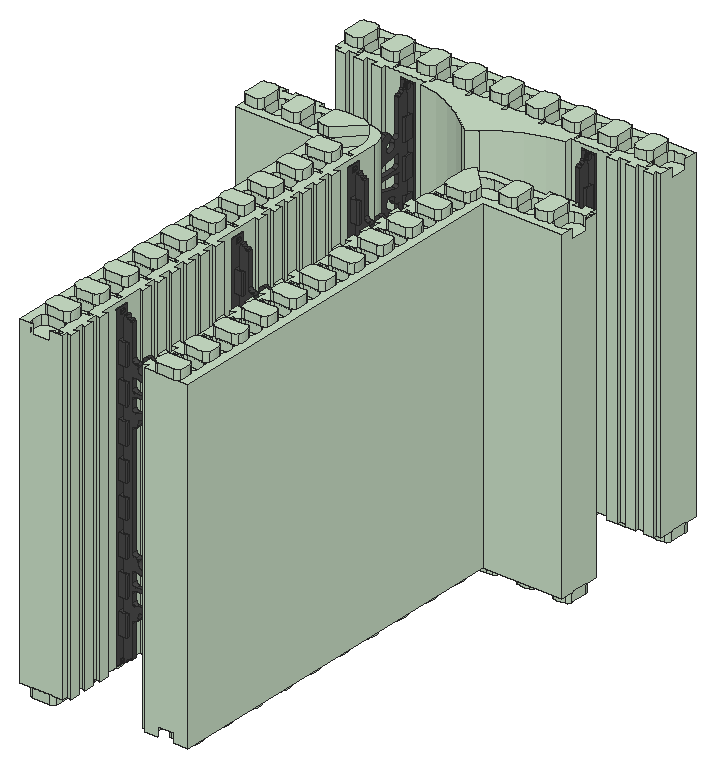
Revit family "ICF- NUDURA 4-inch- Long T Form Unit- Imperial", category Generic Models, Revit 2011
Reference planes (in)
  plane 1 "Center (Front/Back)": y = 1
  plane 2: z = 0
  plane 3 "Center (Left/Right)": x = 0
  plane 4: y = 3
  plane 5: y = -1
  plane 6: x = 2
  plane 7: x = -2
  plane 8: z = 18
  plane 9: x = 1
  plane 10: x = -1
Forms (in)
  Extrusion 1, solid, material "NUDURA Expanded Polystyrene Foam Insulation"
    sketch origin (0, 0, 0) x (1, 0, 0) y (0, 1, 0)
      loop
        line (-9, 5.625) -> (-9, 3.25) -> (-8.71883, 3.25) -> (-8.78117, 3) -> (-8.21883, 3) -> (-8.28117, 3.25) -> (-7.71883, 3.25) -> (-7.78117, 3) -> (-7.21883, 3) -> (-7.28117, 3.25) -> (-6.71883, 3.25) -> (-6.78117, 3) -> (-6.21883, 3) -> (-6.28117, 3.25) -> (-4, 3.25) -> (-4, 2.875)
        arc (-4, 2.875) -> (-2.12304, 2.37468) -> (-0.50918, 1.29358) r 5.91797
        arc (-0.50918, 1.29358) -> (-0.26811, 1.09957) -> (0, 0.94507) r 2
        arc (0, 0.94507) -> (0.26811, 1.09957) -> (0.50918, 1.29358) r 2
        arc (0.50918, 1.29358) -> (2.12304, 2.37468) -> (4, 2.875) r 5.91797
        line (4, 2.875) -> (4, 3.25) -> (6.28117, 3.25) -> (6.21883, 3) -> (6.78117, 3) -> (6.71883, 3.25) -> (7.28117, 3.25) -> (7.21883, 3) -> (7.78117, 3) -> (7.71883, 3.25) -> (8.28117, 3.25) -> (8.21883, 3) -> (8.78117, 3) -> (8.71883, 3.25) -> (9, 3.25) -> (9, 5.625) -> (-9, 5.625)
      loop
        line (-2.25, -24) -> (-2.25, -23.71883) -> (-2, -23.78117) -> (-2, -23.21883) -> (-2.25, -23.28117) -> (-2.25, -22.71883) -> (-2, -22.78117) -> (-2, -22.21883) -> (-2.25, -22.28117) -> (-2.25, -21.71883) -> (-2, -21.78117) -> (-2, -21.21883) -> (-2.25, -21.28117) -> (-2.25, -18.71883) -> (-2, -18.78117) -> (-2, -18.21883) -> (-2.25, -18.28117) -> (-2.25, -17.71883) -> (-2, -17.78117) -> (-2, -17.21883) -> (-2.25, -17.28117) -> (-2.25, -16.71883) -> (-2, -16.78117) -> (-2, -16.21883) -> (-2.25, -16.28117) -> (-2.25, -15.71883) -> (-2, -15.78117) -> (-2, -15.21883) -> (-2.25, -15.28117) -> (-2.25, -14.71883) -> (-2, -14.78117) -> (-2, -14.21883) -> (-2.25, -14.28117) -> (-2.25, -13.71883) -> (-2, -13.78117) -> (-2, -13.21883) -> (-2.25, -13.28117) -> (-2.25, -10.71883) -> (-2, -10.78117) -> (-2, -10.21883) -> (-2.25, -10.28117) -> (-2.25, -9.71883) -> (-2, -9.78117) -> (-2, -9.21883) -> (-2.25, -9.28117) -> (-2.25, -8.71883) -> (-2, -8.78117) -> (-2, -8.21883) -> (-2.25, -8.28117) -> (-2.25, -7.71883) -> (-2, -7.78117) -> (-2, -7.21883) -> (-2.25, -7.28117) -> (-2.25, -6.71883) -> (-2, -6.78117) -> (-2, -6.21883) -> (-2.25, -6.28117) -> (-2.25, -5.71883) -> (-2, -5.78117) -> (-2, -5.21883) -> (-2.25, -5.28117) -> (-2.25, -2.5)
        arc (-2.25, -2.5) -> (-2.61612, -1.61612) -> (-3.5, -1.25) r 1.25
        line (-3.5, -1.25) -> (-6.28117, -1.25) -> (-6.21883, -1) -> (-6.78117, -1) -> (-6.71883, -1.25) -> (-7.28117, -1.25) -> (-7.21883, -1) -> (-7.78117, -1) -> (-7.71883, -1.25) -> (-8.28117, -1.25) -> (-8.21883, -1) -> (-8.78117, -1) -> (-8.71883, -1.25) -> (-9, -1.25) -> (-9, -3.625) -> (-4.625, -3.625) -> (-4.625, -24) -> (-2.25, -24)
      loop
        line (2.25, -24) -> (4.625, -24) -> (4.625, -3.625) -> (9, -3.625) -> (9, -1.25) -> (8.71883, -1.25) -> (8.78117, -1) -> (8.21883, -1) -> (8.28117, -1.25) -> (7.71883, -1.25) -> (7.78117, -1) -> (7.21883, -1) -> (7.28117, -1.25) -> (6.71883, -1.25) -> (6.78117, -1) -> (6.21883, -1) -> (6.28117, -1.25) -> (3.5, -1.25)
        arc (3.5, -1.25) -> (2.61612, -1.61612) -> (2.25, -2.5) r 1.25
        line (2.25, -2.5) -> (2.25, -5.28117) -> (2, -5.21883) -> (2, -5.78117) -> (2.25, -5.71883) -> (2.25, -6.28117) -> (2, -6.21883) -> (2, -6.78117) -> (2.25, -6.71883) -> (2.25, -7.28117) -> (2, -7.21883) -> (2, -7.78117) -> (2.25, -7.71883) -> (2.25, -8.28117) -> (2, -8.21883) -> (2, -8.78117) -> (2.25, -8.71883) -> (2.25, -9.28117) -> (2, -9.21883) -> (2, -9.78117) -> (2.25, -9.71883) -> (2.25, -10.28117) -> (2, -10.21883) -> (2, -10.78117) -> (2.25, -10.71883) -> (2.25, -13.28117) -> (2, -13.21883) -> (2, -13.78117) -> (2.25, -13.71883) -> (2.25, -14.28117) -> (2, -14.21883) -> (2, -14.78117) -> (2.25, -14.71883) -> (2.25, -15.28117) -> (2, -15.21883) -> (2, -15.78117) -> (2.25, -15.71883) -> (2.25, -16.28117) -> (2, -16.21883) -> (2, -16.78117) -> (2.25, -16.71883) -> (2.25, -17.28117) -> (2, -17.21883) -> (2, -17.78117) -> (2.25, -17.71883) -> (2.25, -18.28117) -> (2, -18.21883) -> (2, -18.78117) -> (2.25, -18.71883) -> (2.25, -21.28117) -> (2, -21.21883) -> (2, -21.78117) -> (2.25, -21.71883) -> (2.25, -22.28117) -> (2, -22.21883) -> (2, -22.78117) -> (2.25, -22.71883) -> (2.25, -23.28117) -> (2, -23.21883) -> (2, -23.78117) -> (2.25, -23.71883) -> (2.25, -24)
    from 0 to 18
  Extrusion 2, void
    sketch origin (1, 4, 0) x (1, 0, 0) y (0, 1, 0)
      loop
        arc (-5.13595, -25.17306) -> (-5.1875, -25.49998) -> (-5.13595, -25.8269) r 1.0625
        arc (-5.13595, -25.8269) -> (-5.04517, -25.95213) -> (-4.89808, -25.99998) r 0.25
        line (-4.89808, -25.99998) -> (-3.97692, -25.99998)
        arc (-3.97692, -25.99998) -> (-3.88568, -25.98274) -> (-3.80702, -25.93338) r 0.25
        arc (-3.80702, -25.93338) -> (-3.78736, -25.92104) -> (-3.76455, -25.91673) r 0.0625
        line (-3.76455, -25.91673) -> (-3.41845, -25.91673) -> (-3.41845, -25.7459) -> (-3.64005, -25.7459)
        arc (-3.64005, -25.7459) -> (-3.68771, -25.72383) -> (-3.70172, -25.67321) r 0.0625
        arc (-3.70172, -25.67321) -> (-3.69045, -25.4209) -> (-3.73905, -25.17306) r 1.0625
        arc (-3.73905, -25.17306) -> (-3.82983, -25.04783) -> (-3.97692, -24.99998) r 0.25
        line (-3.97692, -24.99998) -> (-4.89808, -24.99998)
        arc (-4.89808, -24.99998) -> (-5.04517, -25.04783) -> (-5.13595, -25.17306) r 0.25
    from 18 to 17.5
  Extrusion 3, void
    sketch origin (1, 6, 0) x (1, 0, 0) y (0, 1, 0)
      loop
        arc (-5.13595, -25.17306) -> (-5.1875, -25.49998) -> (-5.13595, -25.8269) r 1.0625
        arc (-5.13595, -25.8269) -> (-5.04517, -25.95213) -> (-4.89808, -25.99998) r 0.25
        line (-4.89808, -25.99998) -> (-3.97692, -25.99998)
        arc (-3.97692, -25.99998) -> (-3.88568, -25.98274) -> (-3.80702, -25.93338) r 0.25
        arc (-3.80702, -25.93338) -> (-3.78736, -25.92104) -> (-3.76455, -25.91673) r 0.0625
        line (-3.76455, -25.91673) -> (-3.41845, -25.91673) -> (-3.41845, -25.7459) -> (-3.64005, -25.7459)
        arc (-3.64005, -25.7459) -> (-3.68771, -25.72383) -> (-3.70172, -25.67321) r 0.0625
        arc (-3.70172, -25.67321) -> (-3.69045, -25.4209) -> (-3.73905, -25.17306) r 1.0625
        arc (-3.73905, -25.17306) -> (-3.82983, -25.04783) -> (-3.97692, -24.99998) r 0.25
        line (-3.97692, -24.99998) -> (-4.89808, -24.99998)
        arc (-4.89808, -24.99998) -> (-5.04517, -25.04783) -> (-5.13595, -25.17306) r 0.25
    from 18 to 17.5
  Extrusion 4, void
    sketch origin (1, 8, 0) x (1, 0, 0) y (0, 1, 0)
      loop
        arc (-5.13595, -25.17306) -> (-5.1875, -25.49998) -> (-5.13595, -25.8269) r 1.0625
        arc (-5.13595, -25.8269) -> (-5.04517, -25.95213) -> (-4.89808, -25.99998) r 0.25
        line (-4.89808, -25.99998) -> (-3.97692, -25.99998)
        arc (-3.97692, -25.99998) -> (-3.88568, -25.98274) -> (-3.80702, -25.93338) r 0.25
        arc (-3.80702, -25.93338) -> (-3.78736, -25.92104) -> (-3.76455, -25.91673) r 0.0625
        line (-3.76455, -25.91673) -> (-3.41845, -25.91673) -> (-3.41845, -25.7459) -> (-3.64005, -25.7459)
        arc (-3.64005, -25.7459) -> (-3.68771, -25.72383) -> (-3.70172, -25.67321) r 0.0625
        arc (-3.70172, -25.67321) -> (-3.69045, -25.4209) -> (-3.73905, -25.17306) r 1.0625
        arc (-3.73905, -25.17306) -> (-3.82983, -25.04783) -> (-3.97692, -24.99998) r 0.25
        line (-3.97692, -24.99998) -> (-4.89808, -24.99998)
        arc (-4.89808, -24.99998) -> (-5.04517, -25.04783) -> (-5.13595, -25.17306) r 0.25
    from 18 to 17.5
  Extrusion 5, void
    sketch origin (1, 10, 0) x (1, 0, 0) y (0, 1, 0)
      loop
        arc (-5.13595, -25.17306) -> (-5.1875, -25.49998) -> (-5.13595, -25.8269) r 1.0625
        arc (-5.13595, -25.8269) -> (-5.04517, -25.95213) -> (-4.89808, -25.99998) r 0.25
        line (-4.89808, -25.99998) -> (-3.97692, -25.99998)
        arc (-3.97692, -25.99998) -> (-3.88568, -25.98274) -> (-3.80702, -25.93338) r 0.25
        arc (-3.80702, -25.93338) -> (-3.78736, -25.92104) -> (-3.76455, -25.91673) r 0.0625
        line (-3.76455, -25.91673) -> (-3.41845, -25.91673) -> (-3.41845, -25.7459) -> (-3.64005, -25.7459)
        arc (-3.64005, -25.7459) -> (-3.68771, -25.72383) -> (-3.70172, -25.67321) r 0.0625
        arc (-3.70172, -25.67321) -> (-3.69045, -25.4209) -> (-3.73905, -25.17306) r 1.0625
        arc (-3.73905, -25.17306) -> (-3.82983, -25.04783) -> (-3.97692, -24.99998) r 0.25
        line (-3.97692, -24.99998) -> (-4.89808, -24.99998)
        arc (-4.89808, -24.99998) -> (-5.04517, -25.04783) -> (-5.13595, -25.17306) r 0.25
    from 18 to 17.5
  Extrusion 6, void
    sketch origin (1, 12, 0) x (1, 0, 0) y (0, 1, 0)
      loop
        arc (-5.13595, -25.17306) -> (-5.1875, -25.49998) -> (-5.13595, -25.8269) r 1.0625
        arc (-5.13595, -25.8269) -> (-5.04517, -25.95213) -> (-4.89808, -25.99998) r 0.25
        line (-4.89808, -25.99998) -> (-3.97692, -25.99998)
        arc (-3.97692, -25.99998) -> (-3.88568, -25.98274) -> (-3.80702, -25.93338) r 0.25
        arc (-3.80702, -25.93338) -> (-3.78736, -25.92104) -> (-3.76455, -25.91673) r 0.0625
        line (-3.76455, -25.91673) -> (-3.41845, -25.91673) -> (-3.41845, -25.7459) -> (-3.64005, -25.7459)
        arc (-3.64005, -25.7459) -> (-3.68771, -25.72383) -> (-3.70172, -25.67321) r 0.0625
        arc (-3.70172, -25.67321) -> (-3.69045, -25.4209) -> (-3.73905, -25.17306) r 1.0625
        arc (-3.73905, -25.17306) -> (-3.82983, -25.04783) -> (-3.97692, -24.99998) r 0.25
        line (-3.97692, -24.99998) -> (-4.89808, -24.99998)
        arc (-4.89808, -24.99998) -> (-5.04517, -25.04783) -> (-5.13595, -25.17306) r 0.25
    from 18 to 17.5
  Extrusion 7, void
    sketch origin (1, 14, 0) x (1, 0, 0) y (0, 1, 0)
      loop
        arc (-5.13595, -25.17306) -> (-5.1875, -25.49998) -> (-5.13595, -25.8269) r 1.0625
        arc (-5.13595, -25.8269) -> (-5.04517, -25.95213) -> (-4.89808, -25.99998) r 0.25
        line (-4.89808, -25.99998) -> (-3.97692, -25.99998)
        arc (-3.97692, -25.99998) -> (-3.88568, -25.98274) -> (-3.80702, -25.93338) r 0.25
        arc (-3.80702, -25.93338) -> (-3.78736, -25.92104) -> (-3.76455, -25.91673) r 0.0625
        line (-3.76455, -25.91673) -> (-3.41845, -25.91673) -> (-3.41845, -25.7459) -> (-3.64005, -25.7459)
        arc (-3.64005, -25.7459) -> (-3.68771, -25.72383) -> (-3.70172, -25.67321) r 0.0625
        arc (-3.70172, -25.67321) -> (-3.69045, -25.4209) -> (-3.73905, -25.17306) r 1.0625
        arc (-3.73905, -25.17306) -> (-3.82983, -25.04783) -> (-3.97692, -24.99998) r 0.25
        line (-3.97692, -24.99998) -> (-4.89808, -24.99998)
        arc (-4.89808, -24.99998) -> (-5.04517, -25.04783) -> (-5.13595, -25.17306) r 0.25
    from 18 to 17.5
  Extrusion 8, void
    sketch origin (1, 16, 0) x (1, 0, 0) y (0, 1, 0)
      loop
        arc (-5.13595, -25.17306) -> (-5.1875, -25.49998) -> (-5.13595, -25.8269) r 1.0625
        arc (-5.13595, -25.8269) -> (-5.04517, -25.95213) -> (-4.89808, -25.99998) r 0.25
        line (-4.89808, -25.99998) -> (-3.97692, -25.99998)
        arc (-3.97692, -25.99998) -> (-3.88568, -25.98274) -> (-3.80702, -25.93338) r 0.25
        arc (-3.80702, -25.93338) -> (-3.78736, -25.92104) -> (-3.76455, -25.91673) r 0.0625
        line (-3.76455, -25.91673) -> (-3.41845, -25.91673) -> (-3.41845, -25.7459) -> (-3.64005, -25.7459)
        arc (-3.64005, -25.7459) -> (-3.68771, -25.72383) -> (-3.70172, -25.67321) r 0.0625
        arc (-3.70172, -25.67321) -> (-3.69045, -25.4209) -> (-3.73905, -25.17306) r 1.0625
        arc (-3.73905, -25.17306) -> (-3.82983, -25.04783) -> (-3.97692, -24.99998) r 0.25
        line (-3.97692, -24.99998) -> (-4.89808, -24.99998)
        arc (-4.89808, -24.99998) -> (-5.04517, -25.04783) -> (-5.13595, -25.17306) r 0.25
    from 18 to 17.5
  Extrusion 9, void
    sketch origin (1, 18, 0) x (1, 0, 0) y (0, 1, 0)
      loop
        arc (-5.13595, -25.17306) -> (-5.1875, -25.49998) -> (-5.13595, -25.8269) r 1.0625
        arc (-5.13595, -25.8269) -> (-5.04517, -25.95213) -> (-4.89808, -25.99998) r 0.25
        line (-4.89808, -25.99998) -> (-3.97692, -25.99998)
        arc (-3.97692, -25.99998) -> (-3.88568, -25.98274) -> (-3.80702, -25.93338) r 0.25
        arc (-3.80702, -25.93338) -> (-3.78736, -25.92104) -> (-3.76455, -25.91673) r 0.0625
        line (-3.76455, -25.91673) -> (-3.41845, -25.91673) -> (-3.41845, -25.7459) -> (-3.64005, -25.7459)
        arc (-3.64005, -25.7459) -> (-3.68771, -25.72383) -> (-3.70172, -25.67321) r 0.0625
        arc (-3.70172, -25.67321) -> (-3.69045, -25.4209) -> (-3.73905, -25.17306) r 1.0625
        arc (-3.73905, -25.17306) -> (-3.82983, -25.04783) -> (-3.97692, -24.99998) r 0.25
        line (-3.97692, -24.99998) -> (-4.89808, -24.99998)
        arc (-4.89808, -24.99998) -> (-5.04517, -25.04783) -> (-5.13595, -25.17306) r 0.25
    from 18 to 17.5
  Extrusion 10, void
    sketch origin (1, 20, 0) x (1, 0, 0) y (0, 1, 0)
      loop
        arc (-5.13595, -25.17306) -> (-5.1875, -25.49998) -> (-5.13595, -25.8269) r 1.0625
        arc (-5.13595, -25.8269) -> (-5.04517, -25.95213) -> (-4.89808, -25.99998) r 0.25
        line (-4.89808, -25.99998) -> (-3.97692, -25.99998)
        arc (-3.97692, -25.99998) -> (-3.88568, -25.98274) -> (-3.80702, -25.93338) r 0.25
        arc (-3.80702, -25.93338) -> (-3.78736, -25.92104) -> (-3.76455, -25.91673) r 0.0625
        line (-3.76455, -25.91673) -> (-3.41845, -25.91673) -> (-3.41845, -25.7459) -> (-3.64005, -25.7459)
        arc (-3.64005, -25.7459) -> (-3.68771, -25.72383) -> (-3.70172, -25.67321) r 0.0625
        arc (-3.70172, -25.67321) -> (-3.69045, -25.4209) -> (-3.73905, -25.17306) r 1.0625
        arc (-3.73905, -25.17306) -> (-3.82983, -25.04783) -> (-3.97692, -24.99998) r 0.25
        line (-3.97692, -24.99998) -> (-4.89808, -24.99998)
        arc (-4.89808, -24.99998) -> (-5.04517, -25.04783) -> (-5.13595, -25.17306) r 0.25
    from 18 to 17.5
  Extrusion 11, void
    sketch origin (1, 2, 0) x (1, 0, 0) y (0, 1, 0)
      loop
        line (-5.1875, -5.18748) -> (-5.1875, -5.49998)
        arc (-5.1875, -5.49998) -> (-5.17453, -5.66546) -> (-5.13595, -5.8269) r 1.0625
        arc (-5.13595, -5.8269) -> (-5.04517, -5.95213) -> (-4.89808, -5.99998) r 0.25
        line (-4.89808, -5.99998) -> (-3.97692, -5.99998)
        arc (-3.97692, -5.99998) -> (-3.88568, -5.98274) -> (-3.80702, -5.93338) r 0.25
        arc (-3.80702, -5.93338) -> (-3.78736, -5.92104) -> (-3.76455, -5.91673) r 0.0625
        line (-3.76455, -5.91673) -> (-3.41845, -5.91673) -> (-3.41845, -5.7459) -> (-3.64005, -5.7459)
        arc (-3.64005, -5.7459) -> (-3.68771, -5.72383) -> (-3.70172, -5.67321) r 0.0625
        arc (-3.70172, -5.67321) -> (-3.69106, -5.58689) -> (-3.6875, -5.49998) r 1.0625
        line (-3.6875, -5.49998) -> (-3.6875, -4.68748)
        arc (-3.6875, -4.68748) -> (-3.76362, -4.3048) -> (-3.98039, -3.98037) r 1
        line (-3.98039, -3.98037) -> (-5.1875, -5.18748)
    from 18 to 17.5
  Extrusion 12, void
    sketch origin (-30.99998, 2.00002, 0) x (0, 1, 0) y (-1, 0, 0)
      loop
        arc (-5.13595, -25.17306) -> (-5.1875, -25.49998) -> (-5.13595, -25.8269) r 1.0625
        arc (-5.13595, -25.8269) -> (-5.04517, -25.95213) -> (-4.89808, -25.99998) r 0.25
        line (-4.89808, -25.99998) -> (-3.97692, -25.99998)
        arc (-3.97692, -25.99998) -> (-3.88568, -25.98274) -> (-3.80702, -25.93338) r 0.25
        arc (-3.80702, -25.93338) -> (-3.78736, -25.92104) -> (-3.76455, -25.91673) r 0.0625
        line (-3.76455, -25.91673) -> (-3.41845, -25.91673) -> (-3.41845, -25.7459) -> (-3.64005, -25.7459)
        arc (-3.64005, -25.7459) -> (-3.68771, -25.72383) -> (-3.70172, -25.67321) r 0.0625
        arc (-3.70172, -25.67321) -> (-3.69045, -25.4209) -> (-3.73905, -25.17306) r 1.0625
        arc (-3.73905, -25.17306) -> (-3.82983, -25.04783) -> (-3.97692, -24.99998) r 0.25
        line (-3.97692, -24.99998) -> (-4.89808, -24.99998)
        arc (-4.89808, -24.99998) -> (-5.04517, -25.04783) -> (-5.13595, -25.17306) r 0.25
    from 18 to 17.5
  Extrusion 13, void
    sketch origin (-32.99998, 2.00002, 0) x (0, 1, 0) y (-1, 0, 0)
      loop
        arc (-5.13595, -25.17306) -> (-5.1875, -25.49998) -> (-5.13595, -25.8269) r 1.0625
        arc (-5.13595, -25.8269) -> (-5.04517, -25.95213) -> (-4.89808, -25.99998) r 0.25
        line (-4.89808, -25.99998) -> (-3.97692, -25.99998)
        arc (-3.97692, -25.99998) -> (-3.88568, -25.98274) -> (-3.80702, -25.93338) r 0.25
        arc (-3.80702, -25.93338) -> (-3.78736, -25.92104) -> (-3.76455, -25.91673) r 0.0625
        line (-3.76455, -25.91673) -> (-3.41845, -25.91673) -> (-3.41845, -25.7459) -> (-3.64005, -25.7459)
        arc (-3.64005, -25.7459) -> (-3.68771, -25.72383) -> (-3.70172, -25.67321) r 0.0625
        arc (-3.70172, -25.67321) -> (-3.69045, -25.4209) -> (-3.73905, -25.17306) r 1.0625
        arc (-3.73905, -25.17306) -> (-3.82983, -25.04783) -> (-3.97692, -24.99998) r 0.25
        line (-3.97692, -24.99998) -> (-4.89808, -24.99998)
        arc (-4.89808, -24.99998) -> (-5.04517, -25.04783) -> (-5.13595, -25.17306) r 0.25
    from 18 to 17.5
  Extrusion 14, void
    sketch origin (1, -47.99996, 0) x (1, 0, 0) y (0, 1, 0)
      loop
        arc (-5.13595, 25.17306) -> (-5.04517, 25.04783) -> (-4.89808, 24.99998) r 0.25
        line (-4.89808, 24.99998) -> (-3.97692, 24.99998)
        arc (-3.97692, 24.99998) -> (-3.82983, 25.04783) -> (-3.73905, 25.17306) r 0.25
        arc (-3.73905, 25.17306) -> (-3.69045, 25.4209) -> (-3.70172, 25.67321) r 1.0625
        arc (-3.70172, 25.67321) -> (-3.68771, 25.72383) -> (-3.64005, 25.7459) r 0.0625
        line (-3.64005, 25.7459) -> (-3.41845, 25.7459) -> (-3.41845, 25.91673) -> (-3.76455, 25.91673)
        arc (-3.76455, 25.91673) -> (-3.78736, 25.92104) -> (-3.80702, 25.93338) r 0.0625
        arc (-3.80702, 25.93338) -> (-3.88568, 25.98274) -> (-3.97692, 25.99998) r 0.25
        line (-3.97692, 25.99998) -> (-4.89808, 25.99998)
        arc (-4.89808, 25.99998) -> (-5.04517, 25.95213) -> (-5.13595, 25.8269) r 0.25
        arc (-5.13595, 25.8269) -> (-5.1875, 25.49998) -> (-5.13595, 25.17306) r 1.0625
    from 0 to 0.5
  Extrusion 15, void
    sketch origin (1, -45.99996, 0) x (1, 0, 0) y (0, 1, 0)
      loop
        arc (-5.13595, 25.17306) -> (-5.04517, 25.04783) -> (-4.89808, 24.99998) r 0.25
        line (-4.89808, 24.99998) -> (-3.97692, 24.99998)
        arc (-3.97692, 24.99998) -> (-3.82983, 25.04783) -> (-3.73905, 25.17306) r 0.25
        arc (-3.73905, 25.17306) -> (-3.69045, 25.4209) -> (-3.70172, 25.67321) r 1.0625
        arc (-3.70172, 25.67321) -> (-3.68771, 25.72383) -> (-3.64005, 25.7459) r 0.0625
        line (-3.64005, 25.7459) -> (-3.41845, 25.7459) -> (-3.41845, 25.91673) -> (-3.76455, 25.91673)
        arc (-3.76455, 25.91673) -> (-3.78736, 25.92104) -> (-3.80702, 25.93338) r 0.0625
        arc (-3.80702, 25.93338) -> (-3.88568, 25.98274) -> (-3.97692, 25.99998) r 0.25
        line (-3.97692, 25.99998) -> (-4.89808, 25.99998)
        arc (-4.89808, 25.99998) -> (-5.04517, 25.95213) -> (-5.13595, 25.8269) r 0.25
        arc (-5.13595, 25.8269) -> (-5.1875, 25.49998) -> (-5.13595, 25.17306) r 1.0625
    from 0 to 0.5
  Extrusion 16, void
    sketch origin (1, -43.99996, 0) x (1, 0, 0) y (0, 1, 0)
      loop
        arc (-5.13595, 25.17306) -> (-5.04517, 25.04783) -> (-4.89808, 24.99998) r 0.25
        line (-4.89808, 24.99998) -> (-3.97692, 24.99998)
        arc (-3.97692, 24.99998) -> (-3.82983, 25.04783) -> (-3.73905, 25.17306) r 0.25
        arc (-3.73905, 25.17306) -> (-3.69045, 25.4209) -> (-3.70172, 25.67321) r 1.0625
        arc (-3.70172, 25.67321) -> (-3.68771, 25.72383) -> (-3.64005, 25.7459) r 0.0625
        line (-3.64005, 25.7459) -> (-3.41845, 25.7459) -> (-3.41845, 25.91673) -> (-3.76455, 25.91673)
        arc (-3.76455, 25.91673) -> (-3.78736, 25.92104) -> (-3.80702, 25.93338) r 0.0625
        arc (-3.80702, 25.93338) -> (-3.88568, 25.98274) -> (-3.97692, 25.99998) r 0.25
        line (-3.97692, 25.99998) -> (-4.89808, 25.99998)
        arc (-4.89808, 25.99998) -> (-5.04517, 25.95213) -> (-5.13595, 25.8269) r 0.25
        arc (-5.13595, 25.8269) -> (-5.1875, 25.49998) -> (-5.13595, 25.17306) r 1.0625
    from 0 to 0.5
  Extrusion 17, void
    sketch origin (1, -41.99996, 0) x (1, 0, 0) y (0, 1, 0)
      loop
        arc (-5.13595, 25.17306) -> (-5.04517, 25.04783) -> (-4.89808, 24.99998) r 0.25
        line (-4.89808, 24.99998) -> (-3.97692, 24.99998)
        arc (-3.97692, 24.99998) -> (-3.82983, 25.04783) -> (-3.73905, 25.17306) r 0.25
        arc (-3.73905, 25.17306) -> (-3.69045, 25.4209) -> (-3.70172, 25.67321) r 1.0625
        arc (-3.70172, 25.67321) -> (-3.68771, 25.72383) -> (-3.64005, 25.7459) r 0.0625
        line (-3.64005, 25.7459) -> (-3.41845, 25.7459) -> (-3.41845, 25.91673) -> (-3.76455, 25.91673)
        arc (-3.76455, 25.91673) -> (-3.78736, 25.92104) -> (-3.80702, 25.93338) r 0.0625
        arc (-3.80702, 25.93338) -> (-3.88568, 25.98274) -> (-3.97692, 25.99998) r 0.25
        line (-3.97692, 25.99998) -> (-4.89808, 25.99998)
        arc (-4.89808, 25.99998) -> (-5.04517, 25.95213) -> (-5.13595, 25.8269) r 0.25
        arc (-5.13595, 25.8269) -> (-5.1875, 25.49998) -> (-5.13595, 25.17306) r 1.0625
    from 0 to 0.5
  Extrusion 18, void
    sketch origin (1, -39.99996, 0) x (1, 0, 0) y (0, 1, 0)
      loop
        arc (-5.13595, 25.17306) -> (-5.04517, 25.04783) -> (-4.89808, 24.99998) r 0.25
        line (-4.89808, 24.99998) -> (-3.97692, 24.99998)
        arc (-3.97692, 24.99998) -> (-3.82983, 25.04783) -> (-3.73905, 25.17306) r 0.25
        arc (-3.73905, 25.17306) -> (-3.69045, 25.4209) -> (-3.70172, 25.67321) r 1.0625
        arc (-3.70172, 25.67321) -> (-3.68771, 25.72383) -> (-3.64005, 25.7459) r 0.0625
        line (-3.64005, 25.7459) -> (-3.41845, 25.7459) -> (-3.41845, 25.91673) -> (-3.76455, 25.91673)
        arc (-3.76455, 25.91673) -> (-3.78736, 25.92104) -> (-3.80702, 25.93338) r 0.0625
        arc (-3.80702, 25.93338) -> (-3.88568, 25.98274) -> (-3.97692, 25.99998) r 0.25
        line (-3.97692, 25.99998) -> (-4.89808, 25.99998)
        arc (-4.89808, 25.99998) -> (-5.04517, 25.95213) -> (-5.13595, 25.8269) r 0.25
        arc (-5.13595, 25.8269) -> (-5.1875, 25.49998) -> (-5.13595, 25.17306) r 1.0625
    from 0 to 0.5
  Extrusion 19, void
    sketch origin (1, -37.99996, 0) x (1, 0, 0) y (0, 1, 0)
      loop
        arc (-5.13595, 25.17306) -> (-5.04517, 25.04783) -> (-4.89808, 24.99998) r 0.25
        line (-4.89808, 24.99998) -> (-3.97692, 24.99998)
        arc (-3.97692, 24.99998) -> (-3.82983, 25.04783) -> (-3.73905, 25.17306) r 0.25
        arc (-3.73905, 25.17306) -> (-3.69045, 25.4209) -> (-3.70172, 25.67321) r 1.0625
        arc (-3.70172, 25.67321) -> (-3.68771, 25.72383) -> (-3.64005, 25.7459) r 0.0625
        line (-3.64005, 25.7459) -> (-3.41845, 25.7459) -> (-3.41845, 25.91673) -> (-3.76455, 25.91673)
        arc (-3.76455, 25.91673) -> (-3.78736, 25.92104) -> (-3.80702, 25.93338) r 0.0625
        arc (-3.80702, 25.93338) -> (-3.88568, 25.98274) -> (-3.97692, 25.99998) r 0.25
        line (-3.97692, 25.99998) -> (-4.89808, 25.99998)
        arc (-4.89808, 25.99998) -> (-5.04517, 25.95213) -> (-5.13595, 25.8269) r 0.25
        arc (-5.13595, 25.8269) -> (-5.1875, 25.49998) -> (-5.13595, 25.17306) r 1.0625
    from 0 to 0.5
  Extrusion 20, void
    sketch origin (1, -35.99996, 0) x (1, 0, 0) y (0, 1, 0)
      loop
        arc (-5.13595, 25.17306) -> (-5.04517, 25.04783) -> (-4.89808, 24.99998) r 0.25
        line (-4.89808, 24.99998) -> (-3.97692, 24.99998)
        arc (-3.97692, 24.99998) -> (-3.82983, 25.04783) -> (-3.73905, 25.17306) r 0.25
        arc (-3.73905, 25.17306) -> (-3.69045, 25.4209) -> (-3.70172, 25.67321) r 1.0625
        arc (-3.70172, 25.67321) -> (-3.68771, 25.72383) -> (-3.64005, 25.7459) r 0.0625
        line (-3.64005, 25.7459) -> (-3.41845, 25.7459) -> (-3.41845, 25.91673) -> (-3.76455, 25.91673)
        arc (-3.76455, 25.91673) -> (-3.78736, 25.92104) -> (-3.80702, 25.93338) r 0.0625
        arc (-3.80702, 25.93338) -> (-3.88568, 25.98274) -> (-3.97692, 25.99998) r 0.25
        line (-3.97692, 25.99998) -> (-4.89808, 25.99998)
        arc (-4.89808, 25.99998) -> (-5.04517, 25.95213) -> (-5.13595, 25.8269) r 0.25
        arc (-5.13595, 25.8269) -> (-5.1875, 25.49998) -> (-5.13595, 25.17306) r 1.0625
    from 0 to 0.5
  Extrusion 21, void
    sketch origin (1, -33.99996, 0) x (1, 0, 0) y (0, 1, 0)
      loop
        arc (-5.13595, 25.17306) -> (-5.04517, 25.04783) -> (-4.89808, 24.99998) r 0.25
        line (-4.89808, 24.99998) -> (-3.97692, 24.99998)
        arc (-3.97692, 24.99998) -> (-3.82983, 25.04783) -> (-3.73905, 25.17306) r 0.25
        arc (-3.73905, 25.17306) -> (-3.69045, 25.4209) -> (-3.70172, 25.67321) r 1.0625
        arc (-3.70172, 25.67321) -> (-3.68771, 25.72383) -> (-3.64005, 25.7459) r 0.0625
        line (-3.64005, 25.7459) -> (-3.41845, 25.7459) -> (-3.41845, 25.91673) -> (-3.76455, 25.91673)
        arc (-3.76455, 25.91673) -> (-3.78736, 25.92104) -> (-3.80702, 25.93338) r 0.0625
        arc (-3.80702, 25.93338) -> (-3.88568, 25.98274) -> (-3.97692, 25.99998) r 0.25
        line (-3.97692, 25.99998) -> (-4.89808, 25.99998)
        arc (-4.89808, 25.99998) -> (-5.04517, 25.95213) -> (-5.13595, 25.8269) r 0.25
        arc (-5.13595, 25.8269) -> (-5.1875, 25.49998) -> (-5.13595, 25.17306) r 1.0625
    from 0 to 0.5
  Extrusion 22, void
    sketch origin (1, -31.99996, 0) x (1, 0, 0) y (0, 1, 0)
      loop
        arc (-5.13595, 25.17306) -> (-5.04517, 25.04783) -> (-4.89808, 24.99998) r 0.25
        line (-4.89808, 24.99998) -> (-3.97692, 24.99998)
        arc (-3.97692, 24.99998) -> (-3.82983, 25.04783) -> (-3.73905, 25.17306) r 0.25
        arc (-3.73905, 25.17306) -> (-3.69045, 25.4209) -> (-3.70172, 25.67321) r 1.0625
        arc (-3.70172, 25.67321) -> (-3.68771, 25.72383) -> (-3.64005, 25.7459) r 0.0625
        line (-3.64005, 25.7459) -> (-3.41845, 25.7459) -> (-3.41845, 25.91673) -> (-3.76455, 25.91673)
        arc (-3.76455, 25.91673) -> (-3.78736, 25.92104) -> (-3.80702, 25.93338) r 0.0625
        arc (-3.80702, 25.93338) -> (-3.88568, 25.98274) -> (-3.97692, 25.99998) r 0.25
        line (-3.97692, 25.99998) -> (-4.89808, 25.99998)
        arc (-4.89808, 25.99998) -> (-5.04517, 25.95213) -> (-5.13595, 25.8269) r 0.25
        arc (-5.13595, 25.8269) -> (-5.1875, 25.49998) -> (-5.13595, 25.17306) r 1.0625
    from 0 to 0.5
  Extrusion 23, void
    sketch origin (1, -29.99996, 0) x (1, 0, 0) y (0, 1, 0)
      loop
        arc (-5.13595, 25.17306) -> (-5.04517, 25.04783) -> (-4.89808, 24.99998) r 0.25
        line (-4.89808, 24.99998) -> (-3.97692, 24.99998)
        arc (-3.97692, 24.99998) -> (-3.82983, 25.04783) -> (-3.73905, 25.17306) r 0.25
        arc (-3.73905, 25.17306) -> (-3.69045, 25.4209) -> (-3.70172, 25.67321) r 1.0625
        arc (-3.70172, 25.67321) -> (-3.68771, 25.72383) -> (-3.64005, 25.7459) r 0.0625
        line (-3.64005, 25.7459) -> (-3.41845, 25.7459) -> (-3.41845, 25.91673) -> (-3.76455, 25.91673)
        arc (-3.76455, 25.91673) -> (-3.78736, 25.92104) -> (-3.80702, 25.93338) r 0.0625
        arc (-3.80702, 25.93338) -> (-3.88568, 25.98274) -> (-3.97692, 25.99998) r 0.25
        line (-3.97692, 25.99998) -> (-4.89808, 25.99998)
        arc (-4.89808, 25.99998) -> (-5.04517, 25.95213) -> (-5.13595, 25.8269) r 0.25
        arc (-5.13595, 25.8269) -> (-5.1875, 25.49998) -> (-5.13595, 25.17306) r 1.0625
    from 0 to 0.5
  Extrusion 24, void
    sketch origin (0.99998, 2.00002, 0) x (0, 1, 0) y (-1, 0, 0)
      loop
        line (-5.1875, 5.18748) -> (-3.98039, 3.98037)
        arc (-3.98039, 3.98037) -> (-3.76362, 4.3048) -> (-3.6875, 4.68748) r 1
        line (-3.6875, 4.68748) -> (-3.6875, 5.49998)
        arc (-3.6875, 5.49998) -> (-3.69106, 5.58689) -> (-3.70172, 5.67321) r 1.0625
        arc (-3.70172, 5.67321) -> (-3.68771, 5.72383) -> (-3.64005, 5.7459) r 0.0625
        line (-3.64005, 5.7459) -> (-3.41845, 5.7459) -> (-3.41845, 5.91673) -> (-3.76455, 5.91673)
        arc (-3.76455, 5.91673) -> (-3.78736, 5.92104) -> (-3.80702, 5.93338) r 0.0625
        arc (-3.80702, 5.93338) -> (-3.88568, 5.98274) -> (-3.97692, 5.99998) r 0.25
        line (-3.97692, 5.99998) -> (-4.89808, 5.99998)
        arc (-4.89808, 5.99998) -> (-5.04517, 5.95213) -> (-5.13595, 5.8269) r 0.25
        arc (-5.13595, 5.8269) -> (-5.17453, 5.66546) -> (-5.1875, 5.49998) r 1.0625
        line (-5.1875, 5.49998) -> (-5.1875, 5.18748)
    from 0 to 0.5
  Extrusion 25, void
    sketch origin (18.99998, 2.00002, 0) x (0, 1, 0) y (-1, 0, 0)
      loop
        arc (-5.13595, 25.17306) -> (-5.04517, 25.04783) -> (-4.89808, 24.99998) r 0.25
        line (-4.89808, 24.99998) -> (-3.97692, 24.99998)
        arc (-3.97692, 24.99998) -> (-3.82983, 25.04783) -> (-3.73905, 25.17306) r 0.25
        arc (-3.73905, 25.17306) -> (-3.69045, 25.4209) -> (-3.70172, 25.67321) r 1.0625
        arc (-3.70172, 25.67321) -> (-3.68771, 25.72383) -> (-3.64005, 25.7459) r 0.0625
        line (-3.64005, 25.7459) -> (-3.41845, 25.7459) -> (-3.41845, 25.91673) -> (-3.76455, 25.91673)
        arc (-3.76455, 25.91673) -> (-3.78736, 25.92104) -> (-3.80702, 25.93338) r 0.0625
        arc (-3.80702, 25.93338) -> (-3.88568, 25.98274) -> (-3.97692, 25.99998) r 0.25
        line (-3.97692, 25.99998) -> (-4.89808, 25.99998)
        arc (-4.89808, 25.99998) -> (-5.04517, 25.95213) -> (-5.13595, 25.8269) r 0.25
        arc (-5.13595, 25.8269) -> (-5.1875, 25.49998) -> (-5.13595, 25.17306) r 1.0625
    from 0 to 0.5
  Extrusion 26, void
    sketch origin (16.99998, 2.00002, 0) x (0, 1, 0) y (-1, 0, 0)
      loop
        arc (-5.13595, 25.17306) -> (-5.04517, 25.04783) -> (-4.89808, 24.99998) r 0.25
        line (-4.89808, 24.99998) -> (-3.97692, 24.99998)
        arc (-3.97692, 24.99998) -> (-3.82983, 25.04783) -> (-3.73905, 25.17306) r 0.25
        arc (-3.73905, 25.17306) -> (-3.69045, 25.4209) -> (-3.70172, 25.67321) r 1.0625
        arc (-3.70172, 25.67321) -> (-3.68771, 25.72383) -> (-3.64005, 25.7459) r 0.0625
        line (-3.64005, 25.7459) -> (-3.41845, 25.7459) -> (-3.41845, 25.91673) -> (-3.76455, 25.91673)
        arc (-3.76455, 25.91673) -> (-3.78736, 25.92104) -> (-3.80702, 25.93338) r 0.0625
        arc (-3.80702, 25.93338) -> (-3.88568, 25.98274) -> (-3.97692, 25.99998) r 0.25
        line (-3.97692, 25.99998) -> (-4.89808, 25.99998)
        arc (-4.89808, 25.99998) -> (-5.04517, 25.95213) -> (-5.13595, 25.8269) r 0.25
        arc (-5.13595, 25.8269) -> (-5.1875, 25.49998) -> (-5.13595, 25.17306) r 1.0625
    from 0 to 0.5
  Extrusion 27, void
    sketch origin (-1, -47.99996, 0) x (-1, 0, 0) y (0, -1, 0)
      loop
        arc (-5.13595, -25.17306) -> (-5.1875, -25.49998) -> (-5.13595, -25.8269) r 1.0625
        arc (-5.13595, -25.8269) -> (-5.04517, -25.95213) -> (-4.89808, -25.99998) r 0.25
        line (-4.89808, -25.99998) -> (-3.97692, -25.99998)
        arc (-3.97692, -25.99998) -> (-3.88568, -25.98274) -> (-3.80702, -25.93338) r 0.25
        arc (-3.80702, -25.93338) -> (-3.78736, -25.92104) -> (-3.76455, -25.91673) r 0.0625
        line (-3.76455, -25.91673) -> (-3.41845, -25.91673) -> (-3.41845, -25.7459) -> (-3.64005, -25.7459)
        arc (-3.64005, -25.7459) -> (-3.68771, -25.72383) -> (-3.70172, -25.67321) r 0.0625
        arc (-3.70172, -25.67321) -> (-3.69045, -25.4209) -> (-3.73905, -25.17306) r 1.0625
        arc (-3.73905, -25.17306) -> (-3.82983, -25.04783) -> (-3.97692, -24.99998) r 0.25
        line (-3.97692, -24.99998) -> (-4.89808, -24.99998)
        arc (-4.89808, -24.99998) -> (-5.04517, -25.04783) -> (-5.13595, -25.17306) r 0.25
    from 18 to 17.5
  Extrusion 28, void
    sketch origin (-1, -45.99996, 0) x (-1, 0, 0) y (0, -1, 0)
      loop
        arc (-5.13595, -25.17306) -> (-5.1875, -25.49998) -> (-5.13595, -25.8269) r 1.0625
        arc (-5.13595, -25.8269) -> (-5.04517, -25.95213) -> (-4.89808, -25.99998) r 0.25
        line (-4.89808, -25.99998) -> (-3.97692, -25.99998)
        arc (-3.97692, -25.99998) -> (-3.88568, -25.98274) -> (-3.80702, -25.93338) r 0.25
        arc (-3.80702, -25.93338) -> (-3.78736, -25.92104) -> (-3.76455, -25.91673) r 0.0625
        line (-3.76455, -25.91673) -> (-3.41845, -25.91673) -> (-3.41845, -25.7459) -> (-3.64005, -25.7459)
        arc (-3.64005, -25.7459) -> (-3.68771, -25.72383) -> (-3.70172, -25.67321) r 0.0625
        arc (-3.70172, -25.67321) -> (-3.69045, -25.4209) -> (-3.73905, -25.17306) r 1.0625
        arc (-3.73905, -25.17306) -> (-3.82983, -25.04783) -> (-3.97692, -24.99998) r 0.25
        line (-3.97692, -24.99998) -> (-4.89808, -24.99998)
        arc (-4.89808, -24.99998) -> (-5.04517, -25.04783) -> (-5.13595, -25.17306) r 0.25
    from 18 to 17.5
  Extrusion 29, void
    sketch origin (-1, -43.99996, 0) x (-1, 0, 0) y (0, -1, 0)
      loop
        arc (-5.13595, -25.17306) -> (-5.1875, -25.49998) -> (-5.13595, -25.8269) r 1.0625
        arc (-5.13595, -25.8269) -> (-5.04517, -25.95213) -> (-4.89808, -25.99998) r 0.25
        line (-4.89808, -25.99998) -> (-3.97692, -25.99998)
        arc (-3.97692, -25.99998) -> (-3.88568, -25.98274) -> (-3.80702, -25.93338) r 0.25
        arc (-3.80702, -25.93338) -> (-3.78736, -25.92104) -> (-3.76455, -25.91673) r 0.0625
        line (-3.76455, -25.91673) -> (-3.41845, -25.91673) -> (-3.41845, -25.7459) -> (-3.64005, -25.7459)
        arc (-3.64005, -25.7459) -> (-3.68771, -25.72383) -> (-3.70172, -25.67321) r 0.0625
        arc (-3.70172, -25.67321) -> (-3.69045, -25.4209) -> (-3.73905, -25.17306) r 1.0625
        arc (-3.73905, -25.17306) -> (-3.82983, -25.04783) -> (-3.97692, -24.99998) r 0.25
        line (-3.97692, -24.99998) -> (-4.89808, -24.99998)
        arc (-4.89808, -24.99998) -> (-5.04517, -25.04783) -> (-5.13595, -25.17306) r 0.25
    from 18 to 17.5
  Extrusion 30, void
    sketch origin (-1, -41.99996, 0) x (-1, 0, 0) y (0, -1, 0)
      loop
        arc (-5.13595, -25.17306) -> (-5.1875, -25.49998) -> (-5.13595, -25.8269) r 1.0625
        arc (-5.13595, -25.8269) -> (-5.04517, -25.95213) -> (-4.89808, -25.99998) r 0.25
        line (-4.89808, -25.99998) -> (-3.97692, -25.99998)
        arc (-3.97692, -25.99998) -> (-3.88568, -25.98274) -> (-3.80702, -25.93338) r 0.25
        arc (-3.80702, -25.93338) -> (-3.78736, -25.92104) -> (-3.76455, -25.91673) r 0.0625
        line (-3.76455, -25.91673) -> (-3.41845, -25.91673) -> (-3.41845, -25.7459) -> (-3.64005, -25.7459)
        arc (-3.64005, -25.7459) -> (-3.68771, -25.72383) -> (-3.70172, -25.67321) r 0.0625
        arc (-3.70172, -25.67321) -> (-3.69045, -25.4209) -> (-3.73905, -25.17306) r 1.0625
        arc (-3.73905, -25.17306) -> (-3.82983, -25.04783) -> (-3.97692, -24.99998) r 0.25
        line (-3.97692, -24.99998) -> (-4.89808, -24.99998)
        arc (-4.89808, -24.99998) -> (-5.04517, -25.04783) -> (-5.13595, -25.17306) r 0.25
    from 18 to 17.5
  Extrusion 31, void
    sketch origin (-1, -39.99996, 0) x (-1, 0, 0) y (0, -1, 0)
      loop
        arc (-5.13595, -25.17306) -> (-5.1875, -25.49998) -> (-5.13595, -25.8269) r 1.0625
        arc (-5.13595, -25.8269) -> (-5.04517, -25.95213) -> (-4.89808, -25.99998) r 0.25
        line (-4.89808, -25.99998) -> (-3.97692, -25.99998)
        arc (-3.97692, -25.99998) -> (-3.88568, -25.98274) -> (-3.80702, -25.93338) r 0.25
        arc (-3.80702, -25.93338) -> (-3.78736, -25.92104) -> (-3.76455, -25.91673) r 0.0625
        line (-3.76455, -25.91673) -> (-3.41845, -25.91673) -> (-3.41845, -25.7459) -> (-3.64005, -25.7459)
        arc (-3.64005, -25.7459) -> (-3.68771, -25.72383) -> (-3.70172, -25.67321) r 0.0625
        arc (-3.70172, -25.67321) -> (-3.69045, -25.4209) -> (-3.73905, -25.17306) r 1.0625
        arc (-3.73905, -25.17306) -> (-3.82983, -25.04783) -> (-3.97692, -24.99998) r 0.25
        line (-3.97692, -24.99998) -> (-4.89808, -24.99998)
        arc (-4.89808, -24.99998) -> (-5.04517, -25.04783) -> (-5.13595, -25.17306) r 0.25
    from 18 to 17.5
  Extrusion 32, void
    sketch origin (-1, -37.99996, 0) x (-1, 0, 0) y (0, -1, 0)
      loop
        arc (-5.13595, -25.17306) -> (-5.1875, -25.49998) -> (-5.13595, -25.8269) r 1.0625
        arc (-5.13595, -25.8269) -> (-5.04517, -25.95213) -> (-4.89808, -25.99998) r 0.25
        line (-4.89808, -25.99998) -> (-3.97692, -25.99998)
        arc (-3.97692, -25.99998) -> (-3.88568, -25.98274) -> (-3.80702, -25.93338) r 0.25
        arc (-3.80702, -25.93338) -> (-3.78736, -25.92104) -> (-3.76455, -25.91673) r 0.0625
        line (-3.76455, -25.91673) -> (-3.41845, -25.91673) -> (-3.41845, -25.7459) -> (-3.64005, -25.7459)
        arc (-3.64005, -25.7459) -> (-3.68771, -25.72383) -> (-3.70172, -25.67321) r 0.0625
        arc (-3.70172, -25.67321) -> (-3.69045, -25.4209) -> (-3.73905, -25.17306) r 1.0625
        arc (-3.73905, -25.17306) -> (-3.82983, -25.04783) -> (-3.97692, -24.99998) r 0.25
        line (-3.97692, -24.99998) -> (-4.89808, -24.99998)
        arc (-4.89808, -24.99998) -> (-5.04517, -25.04783) -> (-5.13595, -25.17306) r 0.25
    from 18 to 17.5
  Extrusion 33, void
    sketch origin (-1, -35.99996, 0) x (-1, 0, 0) y (0, -1, 0)
      loop
        arc (-5.13595, -25.17306) -> (-5.1875, -25.49998) -> (-5.13595, -25.8269) r 1.0625
        arc (-5.13595, -25.8269) -> (-5.04517, -25.95213) -> (-4.89808, -25.99998) r 0.25
        line (-4.89808, -25.99998) -> (-3.97692, -25.99998)
        arc (-3.97692, -25.99998) -> (-3.88568, -25.98274) -> (-3.80702, -25.93338) r 0.25
        arc (-3.80702, -25.93338) -> (-3.78736, -25.92104) -> (-3.76455, -25.91673) r 0.0625
        line (-3.76455, -25.91673) -> (-3.41845, -25.91673) -> (-3.41845, -25.7459) -> (-3.64005, -25.7459)
        arc (-3.64005, -25.7459) -> (-3.68771, -25.72383) -> (-3.70172, -25.67321) r 0.0625
        arc (-3.70172, -25.67321) -> (-3.69045, -25.4209) -> (-3.73905, -25.17306) r 1.0625
        arc (-3.73905, -25.17306) -> (-3.82983, -25.04783) -> (-3.97692, -24.99998) r 0.25
        line (-3.97692, -24.99998) -> (-4.89808, -24.99998)
        arc (-4.89808, -24.99998) -> (-5.04517, -25.04783) -> (-5.13595, -25.17306) r 0.25
    from 18 to 17.5
  Extrusion 34, void
    sketch origin (-1, -33.99996, 0) x (-1, 0, 0) y (0, -1, 0)
      loop
        arc (-5.13595, -25.17306) -> (-5.1875, -25.49998) -> (-5.13595, -25.8269) r 1.0625
        arc (-5.13595, -25.8269) -> (-5.04517, -25.95213) -> (-4.89808, -25.99998) r 0.25
        line (-4.89808, -25.99998) -> (-3.97692, -25.99998)
        arc (-3.97692, -25.99998) -> (-3.88568, -25.98274) -> (-3.80702, -25.93338) r 0.25
        arc (-3.80702, -25.93338) -> (-3.78736, -25.92104) -> (-3.76455, -25.91673) r 0.0625
        line (-3.76455, -25.91673) -> (-3.41845, -25.91673) -> (-3.41845, -25.7459) -> (-3.64005, -25.7459)
        arc (-3.64005, -25.7459) -> (-3.68771, -25.72383) -> (-3.70172, -25.67321) r 0.0625
        arc (-3.70172, -25.67321) -> (-3.69045, -25.4209) -> (-3.73905, -25.17306) r 1.0625
        arc (-3.73905, -25.17306) -> (-3.82983, -25.04783) -> (-3.97692, -24.99998) r 0.25
        line (-3.97692, -24.99998) -> (-4.89808, -24.99998)
        arc (-4.89808, -24.99998) -> (-5.04517, -25.04783) -> (-5.13595, -25.17306) r 0.25
    from 18 to 17.5
  Extrusion 35, void
    sketch origin (-1, -31.99996, 0) x (-1, 0, 0) y (0, -1, 0)
      loop
        arc (-5.13595, -25.17306) -> (-5.1875, -25.49998) -> (-5.13595, -25.8269) r 1.0625
        arc (-5.13595, -25.8269) -> (-5.04517, -25.95213) -> (-4.89808, -25.99998) r 0.25
        line (-4.89808, -25.99998) -> (-3.97692, -25.99998)
        arc (-3.97692, -25.99998) -> (-3.88568, -25.98274) -> (-3.80702, -25.93338) r 0.25
        arc (-3.80702, -25.93338) -> (-3.78736, -25.92104) -> (-3.76455, -25.91673) r 0.0625
        line (-3.76455, -25.91673) -> (-3.41845, -25.91673) -> (-3.41845, -25.7459) -> (-3.64005, -25.7459)
        arc (-3.64005, -25.7459) -> (-3.68771, -25.72383) -> (-3.70172, -25.67321) r 0.0625
        arc (-3.70172, -25.67321) -> (-3.69045, -25.4209) -> (-3.73905, -25.17306) r 1.0625
        arc (-3.73905, -25.17306) -> (-3.82983, -25.04783) -> (-3.97692, -24.99998) r 0.25
        line (-3.97692, -24.99998) -> (-4.89808, -24.99998)
        arc (-4.89808, -24.99998) -> (-5.04517, -25.04783) -> (-5.13595, -25.17306) r 0.25
    from 18 to 17.5
  Extrusion 36, void
    sketch origin (-1, -29.99996, 0) x (-1, 0, 0) y (0, -1, 0)
      loop
        arc (-5.13595, -25.17306) -> (-5.1875, -25.49998) -> (-5.13595, -25.8269) r 1.0625
        arc (-5.13595, -25.8269) -> (-5.04517, -25.95213) -> (-4.89808, -25.99998) r 0.25
        line (-4.89808, -25.99998) -> (-3.97692, -25.99998)
        arc (-3.97692, -25.99998) -> (-3.88568, -25.98274) -> (-3.80702, -25.93338) r 0.25
        arc (-3.80702, -25.93338) -> (-3.78736, -25.92104) -> (-3.76455, -25.91673) r 0.0625
        line (-3.76455, -25.91673) -> (-3.41845, -25.91673) -> (-3.41845, -25.7459) -> (-3.64005, -25.7459)
        arc (-3.64005, -25.7459) -> (-3.68771, -25.72383) -> (-3.70172, -25.67321) r 0.0625
        arc (-3.70172, -25.67321) -> (-3.69045, -25.4209) -> (-3.73905, -25.17306) r 1.0625
        arc (-3.73905, -25.17306) -> (-3.82983, -25.04783) -> (-3.97692, -24.99998) r 0.25
        line (-3.97692, -24.99998) -> (-4.89808, -24.99998)
        arc (-4.89808, -24.99998) -> (-5.04517, -25.04783) -> (-5.13595, -25.17306) r 0.25
    from 18 to 17.5
  Extrusion 37, void
    sketch origin (-18.99998, 2.00002, 0) x (0, 1, 0) y (-1, 0, 0)
      loop
        arc (-5.13595, -25.17306) -> (-5.1875, -25.49998) -> (-5.13595, -25.8269) r 1.0625
        arc (-5.13595, -25.8269) -> (-5.04517, -25.95213) -> (-4.89808, -25.99998) r 0.25
        line (-4.89808, -25.99998) -> (-3.97692, -25.99998)
        arc (-3.97692, -25.99998) -> (-3.88568, -25.98274) -> (-3.80702, -25.93338) r 0.25
        arc (-3.80702, -25.93338) -> (-3.78736, -25.92104) -> (-3.76455, -25.91673) r 0.0625
        line (-3.76455, -25.91673) -> (-3.41845, -25.91673) -> (-3.41845, -25.7459) -> (-3.64005, -25.7459)
        arc (-3.64005, -25.7459) -> (-3.68771, -25.72383) -> (-3.70172, -25.67321) r 0.0625
        arc (-3.70172, -25.67321) -> (-3.69045, -25.4209) -> (-3.73905, -25.17306) r 1.0625
        arc (-3.73905, -25.17306) -> (-3.82983, -25.04783) -> (-3.97692, -24.99998) r 0.25
        line (-3.97692, -24.99998) -> (-4.89808, -24.99998)
        arc (-4.89808, -24.99998) -> (-5.04517, -25.04783) -> (-5.13595, -25.17306) r 0.25
    from 18 to 17.5
  Extrusion 38, void
    sketch origin (-1, 2, 0) x (1, 0, 0) y (0, 1, 0)
      loop
        arc (5.67323, -3.7017) -> (5.58691, -3.69104) -> (5.5, -3.68748) r 1.0625
        line (5.5, -3.68748) -> (4.6875, -3.68748)
        arc (4.6875, -3.68748) -> (4.30482, -3.7636) -> (3.98039, -3.98037) r 1
        line (3.98039, -3.98037) -> (5.1875, -5.18748) -> (5.5, -5.18748)
        arc (5.5, -5.18748) -> (5.66548, -5.17452) -> (5.82692, -5.13593) r 1.0625
        arc (5.82692, -5.13593) -> (5.95215, -5.04515) -> (6, -4.89806) r 0.25
        line (6, -4.89806) -> (6, -3.9769)
        arc (6, -3.9769) -> (5.98276, -3.88566) -> (5.9334, -3.807) r 0.25
        arc (5.9334, -3.807) -> (5.92106, -3.78734) -> (5.91675, -3.76453) r 0.0625
        line (5.91675, -3.76453) -> (5.91675, -3.41844) -> (5.74592, -3.41844) -> (5.74592, -3.64003)
        arc (5.74592, -3.64003) -> (5.72385, -3.68769) -> (5.67323, -3.7017) r 0.0625
    from 18 to 17.5
  Extrusion 39, void
    sketch origin (-1, 4, 0) x (-1, 0, 0) y (0, -1, 0)
      loop
        arc (-5.13595, 25.17306) -> (-5.04517, 25.04783) -> (-4.89808, 24.99998) r 0.25
        line (-4.89808, 24.99998) -> (-3.97692, 24.99998)
        arc (-3.97692, 24.99998) -> (-3.82983, 25.04783) -> (-3.73905, 25.17306) r 0.25
        arc (-3.73905, 25.17306) -> (-3.69045, 25.4209) -> (-3.70172, 25.67321) r 1.0625
        arc (-3.70172, 25.67321) -> (-3.68771, 25.72383) -> (-3.64005, 25.7459) r 0.0625
        line (-3.64005, 25.7459) -> (-3.41845, 25.7459) -> (-3.41845, 25.91673) -> (-3.76455, 25.91673)
        arc (-3.76455, 25.91673) -> (-3.78736, 25.92104) -> (-3.80702, 25.93338) r 0.0625
        arc (-3.80702, 25.93338) -> (-3.88568, 25.98274) -> (-3.97692, 25.99998) r 0.25
        line (-3.97692, 25.99998) -> (-4.89808, 25.99998)
        arc (-4.89808, 25.99998) -> (-5.04517, 25.95213) -> (-5.13595, 25.8269) r 0.25
        arc (-5.13595, 25.8269) -> (-5.1875, 25.49998) -> (-5.13595, 25.17306) r 1.0625
    from 0 to 0.5
  Extrusion 40, void
    sketch origin (-1, 6, 0) x (-1, 0, 0) y (0, -1, 0)
      loop
        arc (-5.13595, 25.17306) -> (-5.04517, 25.04783) -> (-4.89808, 24.99998) r 0.25
        line (-4.89808, 24.99998) -> (-3.97692, 24.99998)
        arc (-3.97692, 24.99998) -> (-3.82983, 25.04783) -> (-3.73905, 25.17306) r 0.25
        arc (-3.73905, 25.17306) -> (-3.69045, 25.4209) -> (-3.70172, 25.67321) r 1.0625
        arc (-3.70172, 25.67321) -> (-3.68771, 25.72383) -> (-3.64005, 25.7459) r 0.0625
        line (-3.64005, 25.7459) -> (-3.41845, 25.7459) -> (-3.41845, 25.91673) -> (-3.76455, 25.91673)
        arc (-3.76455, 25.91673) -> (-3.78736, 25.92104) -> (-3.80702, 25.93338) r 0.0625
        arc (-3.80702, 25.93338) -> (-3.88568, 25.98274) -> (-3.97692, 25.99998) r 0.25
        line (-3.97692, 25.99998) -> (-4.89808, 25.99998)
        arc (-4.89808, 25.99998) -> (-5.04517, 25.95213) -> (-5.13595, 25.8269) r 0.25
        arc (-5.13595, 25.8269) -> (-5.1875, 25.49998) -> (-5.13595, 25.17306) r 1.0625
    from 0 to 0.5
  Extrusion 41, void
    sketch origin (-1, 8, 0) x (-1, 0, 0) y (0, -1, 0)
      loop
        arc (-5.13595, 25.17306) -> (-5.04517, 25.04783) -> (-4.89808, 24.99998) r 0.25
        line (-4.89808, 24.99998) -> (-3.97692, 24.99998)
        arc (-3.97692, 24.99998) -> (-3.82983, 25.04783) -> (-3.73905, 25.17306) r 0.25
        arc (-3.73905, 25.17306) -> (-3.69045, 25.4209) -> (-3.70172, 25.67321) r 1.0625
        arc (-3.70172, 25.67321) -> (-3.68771, 25.72383) -> (-3.64005, 25.7459) r 0.0625
        line (-3.64005, 25.7459) -> (-3.41845, 25.7459) -> (-3.41845, 25.91673) -> (-3.76455, 25.91673)
        arc (-3.76455, 25.91673) -> (-3.78736, 25.92104) -> (-3.80702, 25.93338) r 0.0625
        arc (-3.80702, 25.93338) -> (-3.88568, 25.98274) -> (-3.97692, 25.99998) r 0.25
        line (-3.97692, 25.99998) -> (-4.89808, 25.99998)
        arc (-4.89808, 25.99998) -> (-5.04517, 25.95213) -> (-5.13595, 25.8269) r 0.25
        arc (-5.13595, 25.8269) -> (-5.1875, 25.49998) -> (-5.13595, 25.17306) r 1.0625
    from 0 to 0.5
  Extrusion 42, void
    sketch origin (-1, 10, 0) x (-1, 0, 0) y (0, -1, 0)
      loop
        arc (-5.13595, 25.17306) -> (-5.04517, 25.04783) -> (-4.89808, 24.99998) r 0.25
        line (-4.89808, 24.99998) -> (-3.97692, 24.99998)
        arc (-3.97692, 24.99998) -> (-3.82983, 25.04783) -> (-3.73905, 25.17306) r 0.25
        arc (-3.73905, 25.17306) -> (-3.69045, 25.4209) -> (-3.70172, 25.67321) r 1.0625
        arc (-3.70172, 25.67321) -> (-3.68771, 25.72383) -> (-3.64005, 25.7459) r 0.0625
        line (-3.64005, 25.7459) -> (-3.41845, 25.7459) -> (-3.41845, 25.91673) -> (-3.76455, 25.91673)
        arc (-3.76455, 25.91673) -> (-3.78736, 25.92104) -> (-3.80702, 25.93338) r 0.0625
        arc (-3.80702, 25.93338) -> (-3.88568, 25.98274) -> (-3.97692, 25.99998) r 0.25
        line (-3.97692, 25.99998) -> (-4.89808, 25.99998)
        arc (-4.89808, 25.99998) -> (-5.04517, 25.95213) -> (-5.13595, 25.8269) r 0.25
        arc (-5.13595, 25.8269) -> (-5.1875, 25.49998) -> (-5.13595, 25.17306) r 1.0625
    from 0 to 0.5
  Extrusion 43, void
    sketch origin (-1, 12, 0) x (-1, 0, 0) y (0, -1, 0)
      loop
        arc (-5.13595, 25.17306) -> (-5.04517, 25.04783) -> (-4.89808, 24.99998) r 0.25
        line (-4.89808, 24.99998) -> (-3.97692, 24.99998)
        arc (-3.97692, 24.99998) -> (-3.82983, 25.04783) -> (-3.73905, 25.17306) r 0.25
        arc (-3.73905, 25.17306) -> (-3.69045, 25.4209) -> (-3.70172, 25.67321) r 1.0625
        arc (-3.70172, 25.67321) -> (-3.68771, 25.72383) -> (-3.64005, 25.7459) r 0.0625
        line (-3.64005, 25.7459) -> (-3.41845, 25.7459) -> (-3.41845, 25.91673) -> (-3.76455, 25.91673)
        arc (-3.76455, 25.91673) -> (-3.78736, 25.92104) -> (-3.80702, 25.93338) r 0.0625
        arc (-3.80702, 25.93338) -> (-3.88568, 25.98274) -> (-3.97692, 25.99998) r 0.25
        line (-3.97692, 25.99998) -> (-4.89808, 25.99998)
        arc (-4.89808, 25.99998) -> (-5.04517, 25.95213) -> (-5.13595, 25.8269) r 0.25
        arc (-5.13595, 25.8269) -> (-5.1875, 25.49998) -> (-5.13595, 25.17306) r 1.0625
    from 0 to 0.5
  Extrusion 44, void
    sketch origin (-1, 14, 0) x (-1, 0, 0) y (0, -1, 0)
      loop
        arc (-5.13595, 25.17306) -> (-5.04517, 25.04783) -> (-4.89808, 24.99998) r 0.25
        line (-4.89808, 24.99998) -> (-3.97692, 24.99998)
        arc (-3.97692, 24.99998) -> (-3.82983, 25.04783) -> (-3.73905, 25.17306) r 0.25
        arc (-3.73905, 25.17306) -> (-3.69045, 25.4209) -> (-3.70172, 25.67321) r 1.0625
        arc (-3.70172, 25.67321) -> (-3.68771, 25.72383) -> (-3.64005, 25.7459) r 0.0625
        line (-3.64005, 25.7459) -> (-3.41845, 25.7459) -> (-3.41845, 25.91673) -> (-3.76455, 25.91673)
        arc (-3.76455, 25.91673) -> (-3.78736, 25.92104) -> (-3.80702, 25.93338) r 0.0625
        arc (-3.80702, 25.93338) -> (-3.88568, 25.98274) -> (-3.97692, 25.99998) r 0.25
        line (-3.97692, 25.99998) -> (-4.89808, 25.99998)
        arc (-4.89808, 25.99998) -> (-5.04517, 25.95213) -> (-5.13595, 25.8269) r 0.25
        arc (-5.13595, 25.8269) -> (-5.1875, 25.49998) -> (-5.13595, 25.17306) r 1.0625
    from 0 to 0.5
  Extrusion 45, void
    sketch origin (-1, 16, 0) x (-1, 0, 0) y (0, -1, 0)
      loop
        arc (-5.13595, 25.17306) -> (-5.04517, 25.04783) -> (-4.89808, 24.99998) r 0.25
        line (-4.89808, 24.99998) -> (-3.97692, 24.99998)
        arc (-3.97692, 24.99998) -> (-3.82983, 25.04783) -> (-3.73905, 25.17306) r 0.25
        arc (-3.73905, 25.17306) -> (-3.69045, 25.4209) -> (-3.70172, 25.67321) r 1.0625
        arc (-3.70172, 25.67321) -> (-3.68771, 25.72383) -> (-3.64005, 25.7459) r 0.0625
        line (-3.64005, 25.7459) -> (-3.41845, 25.7459) -> (-3.41845, 25.91673) -> (-3.76455, 25.91673)
        arc (-3.76455, 25.91673) -> (-3.78736, 25.92104) -> (-3.80702, 25.93338) r 0.0625
        arc (-3.80702, 25.93338) -> (-3.88568, 25.98274) -> (-3.97692, 25.99998) r 0.25
        line (-3.97692, 25.99998) -> (-4.89808, 25.99998)
        arc (-4.89808, 25.99998) -> (-5.04517, 25.95213) -> (-5.13595, 25.8269) r 0.25
        arc (-5.13595, 25.8269) -> (-5.1875, 25.49998) -> (-5.13595, 25.17306) r 1.0625
    from 0 to 0.5
  Extrusion 46, void
    sketch origin (-1, 18, 0) x (-1, 0, 0) y (0, -1, 0)
      loop
        arc (-5.13595, 25.17306) -> (-5.04517, 25.04783) -> (-4.89808, 24.99998) r 0.25
        line (-4.89808, 24.99998) -> (-3.97692, 24.99998)
        arc (-3.97692, 24.99998) -> (-3.82983, 25.04783) -> (-3.73905, 25.17306) r 0.25
        arc (-3.73905, 25.17306) -> (-3.69045, 25.4209) -> (-3.70172, 25.67321) r 1.0625
        arc (-3.70172, 25.67321) -> (-3.68771, 25.72383) -> (-3.64005, 25.7459) r 0.0625
        line (-3.64005, 25.7459) -> (-3.41845, 25.7459) -> (-3.41845, 25.91673) -> (-3.76455, 25.91673)
        arc (-3.76455, 25.91673) -> (-3.78736, 25.92104) -> (-3.80702, 25.93338) r 0.0625
        arc (-3.80702, 25.93338) -> (-3.88568, 25.98274) -> (-3.97692, 25.99998) r 0.25
        line (-3.97692, 25.99998) -> (-4.89808, 25.99998)
        arc (-4.89808, 25.99998) -> (-5.04517, 25.95213) -> (-5.13595, 25.8269) r 0.25
        arc (-5.13595, 25.8269) -> (-5.1875, 25.49998) -> (-5.13595, 25.17306) r 1.0625
    from 0 to 0.5
  Extrusion 47, void
    sketch origin (-1, 20, 0) x (-1, 0, 0) y (0, -1, 0)
      loop
        arc (-5.13595, 25.17306) -> (-5.04517, 25.04783) -> (-4.89808, 24.99998) r 0.25
        line (-4.89808, 24.99998) -> (-3.97692, 24.99998)
        arc (-3.97692, 24.99998) -> (-3.82983, 25.04783) -> (-3.73905, 25.17306) r 0.25
        arc (-3.73905, 25.17306) -> (-3.69045, 25.4209) -> (-3.70172, 25.67321) r 1.0625
